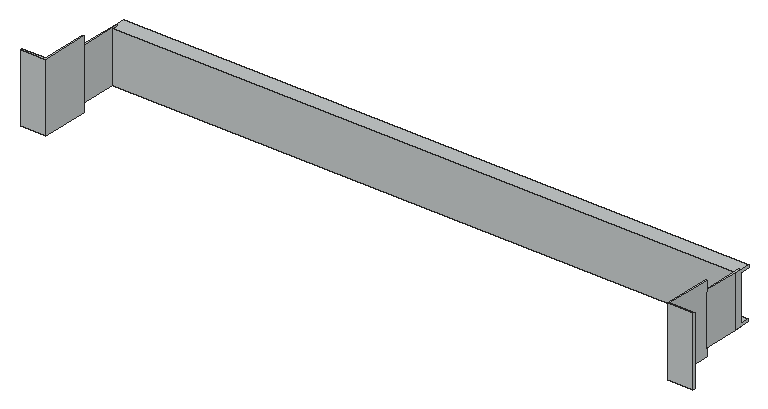
Revit family "pipe-support- 7312", category Pipe Accessories, Revit 2018
Family settings
  Round Connector Dimension = Use Diameter
  Part Type = Normal
  Work Plane-Based = No
  Always vertical = Yes
  Cut with Voids When Loaded = No
  Shared = Yes
Parameters (values of type "16-26 ADJ BOX BRKT")
  Weight = ""
  URL = "http://www.fnw.com"
  Inside_Stud_Dimension [instance] = 16.000"
  Product ID = ""
  Part Number = "FNW7312Z2400"
  Manufacturer = ""
  M1 = 0.03516"  # constant formula
  L8 = 0.074"  # constant formula
  L7 = 0.163"  # constant formula
  L6 = 0.250"  # constant formula
  L5 = 1.317"  # constant formula
  L4 [instance] = Depth - L2  # 1.075"
  L3 = 1.754"  # constant formula
  L2 = 1.175"  # constant formula
  L1 = 0.617"  # constant formula
  Description BOM = "16-26 ADJ BOX BRKT\r\n16-26 ADJ BOX BRKT"
  Depth [instance] = 2.250"
Types (3): name | Part Number | L4 | Description BOM | Depth
  (no name) | "FNW7312Z2400" | 1.075" | "16-26 ADJ BOX BRKT\r\n16-26 ADJ BOX BRKT" | 2.250"
  11-18 ADJ BOX BRKT | "FNW7312Z1600" | 0.950" | "11-18 ADJ BOX BRKT" | 2.125"
  16-26 ADJ BOX BRKT | "FNW7312Z2400" | 1.075" | "16-26 ADJ BOX BRKT\r\n16-26 ADJ BOX BRKT" | 2.250"
Reference planes (in)
  plane 1 "Center (Front/Back)": y = 0
  plane 2: z = -0.07984
  plane 3 "Center (Left/Right)": x = 0
  plane 4: x = -8
  plane 5: x = 8
  plane 6: y = 2.25
  plane 7: z = 0.79716
  plane 8: z = -0.95684
  plane 9: z = 0.57866
  plane 10: z = -0.73834
  plane 11 "Face": y = 2.087
Forms (in)
  Extrusion 1, solid, material "Steel, Galvanized"
    sketch origin (0, 0, -0.07984) x (1, 0, 0) y (0, 1, 0)
      loop
        line (-8.617, 0) -> (-8.617, -0.03516) -> (-7.96484, -0.03516) -> (-7.96484, 1.175) -> (-8, 1.175) -> (-8, 0) -> (-8.617, 0)
      loop
        line (8.617, 0) -> (8, 0) -> (8, 1.175) -> (7.96484, 1.175) -> (7.96484, -0.03516) -> (8.617, -0.03516) -> (8.617, 0)
    from -0.877 to 0.877
  Extrusion 2, solid, material "Steel, Galvanized"
    sketch origin (0, 0, -0.07984) x (1, 0, 0) y (0, 1, 0)
      loop
        line (-8, 2.25) -> (-8, 1.175) -> (-7.96484, 1.175) -> (-7.96484, 2.25) -> (-8, 2.25)
      loop
        line (8, 2.25) -> (7.96484, 2.25) -> (7.96484, 1.175) -> (8, 1.175) -> (8, 2.25)
    from -0.6585 to 0.6585
  Extrusion 3, solid, material "Steel, Galvanized"
    sketch origin (0, 0, 0) x (0, 1, 0) y (0, 0, 1)
      loop
        line (2.5, 0.57866) -> (2.087, 0.57866) -> (2.087, -0.73834) -> (2.5, -0.73834) -> (2.5, -0.66434) -> (2.25, -0.66434) -> (2.25, -0.07984) -> (2.25, 0.50466) -> (2.5, 0.50466) -> (2.5, 0.57866)
    from -8 to 8
Lines and regions (in)
  model lines
    curve 1: line (-8, 2.087, -0.07984) -> (8, 2.087, -0.07984)
Dimensions and locks (in)
  equal spacing: plane 4, plane 3 "Center (Left/Right)", plane 5
  "Inside_Stud_Dimension": plane 4 to plane 5
  "Depth": plane 1 "Center (Front/Back)" to plane 6
  "M1": Extrusion 1 sketch curve to plane 1 "Center (Front/Back)"  (x2)
  "M1": plane 4 to Extrusion 1 sketch curve
  "L2": plane 1 "Center (Front/Back)" to Extrusion 1 sketch curve  (x2)
  "L1": Extrusion 1 sketch curve to plane 4
  "M1": Extrusion 1 sketch curve to plane 5
  "L1": plane 5 to Extrusion 1 sketch curve
  equal spacing: plane 7, plane 2, plane 8
  "L3": plane 7 to plane 8
  "M1": plane 4 to Extrusion 2 sketch curve
  "L4": Extrusion 2 sketch curve to plane 6
  "M1": Extrusion 2 sketch curve to plane 5
  "L4": plane 6 to Extrusion 2 sketch curve
  equal spacing: plane 9, plane 2, plane 10
  "L5": plane 9 to plane 10
  "L8": Extrusion 3 sketch curve to plane 9
  "L8": plane 10 to Extrusion 3 sketch curve
  "L6": Extrusion 3 sketch curve to plane 6  (x2)
  "L7": plane 6 to Extrusion 3 sketch curve
  "L7": plane 11 "Face" to plane 6
  aligned and locked: plane 4 to Extrusion 1 sketch curve
  aligned and locked: Extrusion 1 sketch curve to plane 1 "Center (Front/Back)"
  aligned and locked: plane 1 "Center (Front/Back)" to Extrusion 1 sketch curve
  aligned and locked: Extrusion 1 sketch curve to plane 5
  aligned and locked: Extrusion 1 to plane 7
  aligned and locked: plane 8 to Extrusion 1
  aligned and locked: Extrusion 2 sketch curve to plane 6
  aligned and locked: plane 4 to Extrusion 2 sketch curve
  aligned and locked: Extrusion 2 sketch curve to plane 5
  aligned and locked: plane 6 to Extrusion 2 sketch curve
  aligned and locked: Extrusion 2 to plane 10
  aligned and locked: plane 4 to Extrusion 3
  aligned and locked: plane 5 to Extrusion 3
  aligned and locked: plane 4 to curve 1
  aligned and locked: plane 5 to curve 1
Automatic sketch dimensions
  curve 1 to level = 0.000"
  Extrusion 3 sketch curve to plane 6 = 0.000"
  plane 10 to Extrusion 3 sketch curve = 0.000"
  Extrusion 3 sketch curve to level = 0.000"
  plane 9 to Extrusion 3 sketch curve = 0.000"
